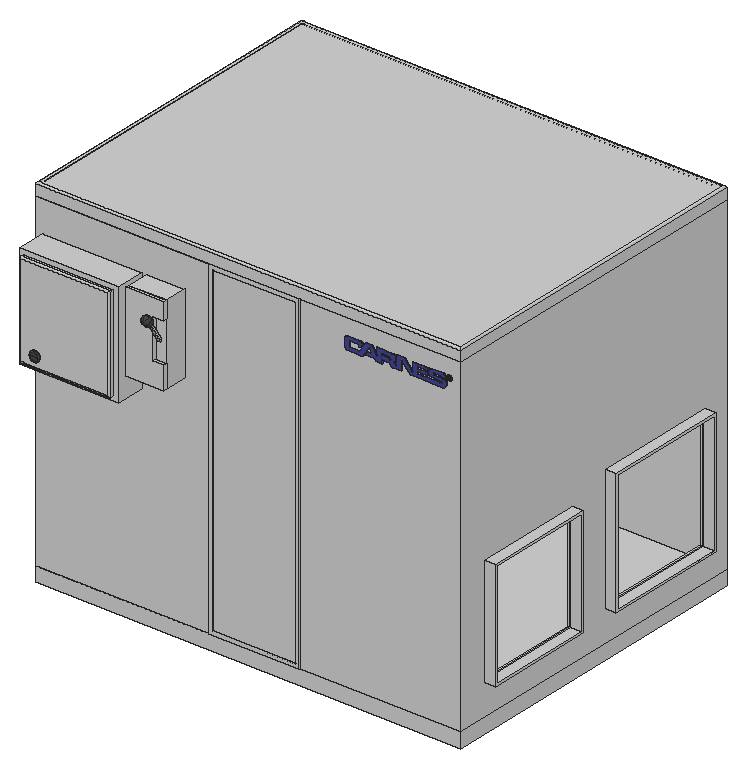
Revit family "Mini_System-Carnes-Energy_Recovery-WMA-WMWA-ARR6", category Mechanical Equipment, Revit 2012
Parameters (values of type "See Type Catalog")
  Weight = 0.00 lbf
  URL = "http://www.carnes.com"
  Supply Location From Side = 4"
  Supply Location From Bottom = 6 1/2"
  Size = 3
  Service Clearance Supply Side = 50"
  Service Clearance Exhaust Side = 50"
  Return Location From Bottom = 6 1/2"
  Product Page URL = "http://www.carnes.com/EnergyRecovery/minisystem.phtml"
  Model = "WM_A-ARR6"  # constant formula
  Manufacturer = "CARNES COMPANY"  # constant formula
  Handle = Plastic - Carnes - Smooth - Black
  Exhuast Hood Depth = 14 1/4"
  Exhaust Location From End = 4"
  Unit = Metal - Carnes - Aluminum Frame - Painted White
  Supply Location From End = 4"
  Supply Height = 14"
  Supply Width = 16"
  Exhaust Location From Bottom = 6 1/2"
  Intake Location From Bottom = 19"
  Intake Height = 21"
  Intake Width = 16"
  Return Height = 16"
  Return Width = 14"
  Exhaust Hood Width = 12 1/4"
  Exhaust Hood Height = 17"
  Eliminator = none
  Exhaust Height = 14"
  Duct Arrangement = 1  # constant formula
  Exhaust Width = 16"
  Height of Unit = 47 1/2"
  Width of Unit = 44"
  Length of Unit = 60"
  Description = "Energy Recovery Mini System"  # constant formula
Reference planes (in)
  plane 1 "Center (Front/Back)": y = 0
  plane 2: z = 0
  plane 3 "Center (Left/Right)": x = 0
  plane 4: x = -30
  plane 5: x = 30
  plane 6: y = 22
  plane 7: y = -22
  plane 8: z = 47.5
  plane 9: x = -24
  plane 10: x = -8
  plane 11: z = 6.5
  plane 12: z = 20.5
  plane 13: y = 18
  plane 14: y = 2
  plane 15: z = 19
  plane 16: z = 40
  plane 17: y = -18
  plane 18: y = -4
Dimensions and locks (in)
  equal spacing: plane 4, plane 3 "Center (Left/Right)", plane 5
  "Length of Unit": plane 4 to plane 5
  equal spacing: plane 6, plane 1 "Center (Front/Back)", plane 7
  "Width of Unit": plane 6 to plane 7
  "Height of Unit": plane 8 to plane 2
  "Exhaust Width": plane 10 to plane 9
  nested 1 to plane 9 = 4"
  "Exhaust Location From Bottom": plane 11 to level
  "Exhaust Height": plane 12 to plane 11
  locked: plane 6 to plane 13 at 4
  "Intake Width": plane 13 to plane 14
  "Intake Location From Bottom": plane 15 to plane 2
  "Intake Height": plane 16 to plane 15
  locked: plane 7 to plane 17 at 4
  "Return Width": plane 18 to plane 17
  locked: plane 5 to nested 2 at 10
  locked: plane 8 to nested 2 at 5
  aligned and locked: level to plane 2
  aligned and locked: plane 3 "Center (Left/Right)" to nested 1
  aligned and locked: plane 1 "Center (Front/Back)" to nested 1
  aligned and locked: nested 1 to plane 2
  aligned and locked: nested 3 to nested 2  (x2)
Nested families (in)
  nested 1: "WM-A-Standard-6" at (0, 0, 0), type "Parametric"
  nested 2: "Logo-Carnes" at (20, -22, 40.928311), type "Standard"
  nested 3: "Logo-Carnes" at (20, 22, 40.928311) x (-1, 0, 0) z (0, 0, 1), type "Standard"
Definition of nested family "WM-A-Standard-6"
  Parameters (values of type "Parametric")
    N = 4"  # constant formula
    Unit = Metal - Carnes - Aluminum Frame - Painted White
    S2 = 50"
    S1 = 50"
    R = 4"  # constant formula
    P = 6 1/2"
    NN = 4"  # constant formula
    MM = 6 1/2"
    M = 6 1/2"
    L = 4"  # constant formula
    K = 19"
    J = 21"
    Handle = Plastic - Carnes - Smooth - Black
    H = 16"
    G = 16"
    F = 14"
    EE = 14"
    E = 14"
    DD = 16"
    D = 16"
    C = 44"
    B = 47 1/2"
    A = 60"
  Reference planes (in)
    plane 1 "Center (Front/Back)": y = 0
    plane 2: z = 0
    plane 3 "Center (Left/Right)": x = 0
    plane 4: x = -30
    plane 5: x = 30
    plane 6: y = 22
    plane 7: y = -22
    plane 8: z = 47.5
    plane 9: z = 1.9184832
    plane 10: z = 45.8770807
    plane 11: z = 29.9300685
  Forms (in)
    Sweep 1, solid, material "Metal - Carnes - Aluminum Frame - Painted White" <- "Unit"
      path origin (0, 0, 0) x (1, 0, 0) y (0, 1, 0)
        loop
          line (28.4374221, -22) -> (28.4374221, 22) -> (-28, 22) -> (-28, -22) -> (28.4374221, -22)
      profile origin (28.4374221, 0, 0) x (-1, 0, 0) y (0, 0, 1)
        loop
          line (0, 45.8770807) -> (0, 1.9184832) -> (0.25, 1.9184832) -> (0.25, 45.8770807) -> (0, 45.8770807)
    Sweep 2, solid, material "Metal - Carnes - Aluminum Frame - Painted White" <- "Unit"
      path in 3D
        loop
          line (28.4374221, 22, 45.8770807) -> (-28, 22, 45.8770807) -> (-28, -22, 45.8770807) -> (28.4374221, -22, 45.8770807) -> (28.4374221, 22, 45.8770807)
      profile origin (28.4374221, 0, 45.8770807) x (-1, 0, 0) y (0, 0, 1)
        loop
          line (0.25, 0) -> (0.25, 1.1229193)
          arc (0.25, 1.1229193) -> (0.3232233, 1.299696) -> (0.5, 1.3729193) r 0.25
          line (0.5, 1.3729193) -> (1.9358962, 1.3729193) -> (1.9358962, 1.6229193) -> (0.25, 1.6229193)
          arc (0.25, 1.6229193) -> (0.0732233, 1.549696) -> (0, 1.3729193) r 0.25
          line (0, 1.3729193) -> (0, 0) -> (0.25, 0)
    Extrusion 3, solid, material "Metal - Carnes - Aluminum Frame - Painted White" <- "Unit"
      sketch origin (28.1874221, -21.75, 47.5) x (0, 1, 0) y (-1, 0, 0)
        loop
          line (41.8141038, 1.6858962) -> (41.8141038, 54.2515259) -> (1.6858962, 54.2515259) -> (1.6858962, 1.6858962) -> (41.8141038, 1.6858962)
      from -0.25 to 0
    Extrusion 4, solid, material "Metal - Carnes - Aluminum Frame - Painted White" <- "Unit"
      sketch origin (0, 0, 0) x (1, 0, 0) y (0, 0, 1)
        loop
          line (28.1874221, 2.1684832) -> (-27.75, 2.1684832) -> (-27.75, 1.9184832) -> (28.1874221, 1.9184832) -> (28.1874221, 2.1684832)
      from -21.75 to 21.75
    Extrusion 5, void
      sketch origin (0, 0, 0) x (0, 1, 0) y (0, 0, 1)
        loop
          line (18, 40) -> (2, 40) -> (2, 19) -> (18, 19) -> (18, 40)
      from -28 to -27.75
    Sweep 6, solid, material "Metal - Carnes - Aluminum Frame - Painted White" <- "Unit"
      path in 3D
        loop
          line (-28, 18, 40) -> (-28, 2, 40) -> (-28, 2, 19) -> (-28, 18, 19) -> (-28, 18, 40)
      profile origin (-28, 18, 29.5) x (0, 1, 0) y (-1, 0, 0)
        loop
          line (0, 0) -> (0.25, 0) -> (0.25, 2) -> (0, 2) -> (0, 0)
    Extrusion 7, void
      sketch origin (0, 0, 0) x (0, 1, 0) y (0, 0, 1)
        loop
          line (18, 22.5) -> (2, 22.5) -> (2, 6.5) -> (18, 6.5) -> (18, 22.5)
      from 28.1874221 to 28.4374221
    Extrusion 8, void
      sketch origin (0, 0, 0) x (0, 1, 0) y (0, 0, 1)
        loop
          line (-4, 20.5) -> (-18, 20.5) -> (-18, 6.5) -> (-4, 6.5) -> (-4, 20.5)
      from 28.1874221 to 28.4374221
    Sweep 9, solid, material "Metal - Carnes - Aluminum Frame - Painted White" <- "Unit"
      path in 3D
        loop
          line (28.4374221, 18, 6.5) -> (28.4374221, 2, 6.5) -> (28.4374221, 2, 22.5) -> (28.4374221, 18, 22.5) -> (28.4374221, 18, 6.5)
      profile origin (28.4374221, 18, 14.5) x (1, 0, 0) y (0, 1, 0)
        loop
          line (0, 0.25) -> (0, 0) -> (1.5625779, 0) -> (1.5625779, 0.25) -> (0, 0.25)
    Sweep 10, solid, material "Metal - Carnes - Aluminum Frame - Painted White" <- "Unit"
      path in 3D
        loop
          line (28.4374221, -18, 20.5) -> (28.4374221, -4, 20.5) -> (28.4374221, -4, 6.5) -> (28.4374221, -18, 6.5) -> (28.4374221, -18, 20.5)
      profile origin (28.4374221, -18, 13.5) x (0, -1, 0) y (1, 0, 0)
        loop
          line (0, 0) -> (0.25, 0) -> (0.25, 1.5625779) -> (0, 1.5625779) -> (0, 0)
    Extrusion 11, solid, material "Metal - Carnes - Aluminum Frame - Painted White" <- "Unit"
      sketch origin (0, 0, 0) x (1, 0, 0) y (0, 0, 1)
        loop
          line (-27.025852, 41.6474581) -> (-27.025852, 27.8974581) -> (-13.9333727, 27.8974581) -> (-13.9333727, 41.6474581) -> (-27.025852, 41.6474581)
      from 22 to 25.8488289
    Sweep 12, solid, material "Metal - Carnes - Aluminum Frame - Painted White" <- "Unit"
      path origin (0, 0, 0) x (1, 0, 0) y (0, 0, 1)
        loop
          line (-14.7428554, 40.9862483) -> (-26.4928554, 40.9862483) -> (-26.4928554, 28.4862483) -> (-14.7428554, 28.4862483) -> (-14.7428554, 40.9862483)
      profile origin (-14.7428554, 0, 34.7362483) x (0, -1, 0) y (1, 0, 0)
        loop
          line (25.8488289, 0.0758479) -> (25.8488289, -0.2536205) -> (26.4296494, -0.2536205) -> (26.4296494, -0.1069244)
          arc (26.4296494, -0.1069244) -> (26.3761166, 0.0223151) -> (26.2468771, 0.0758479) r 0.1827723
          line (26.2468771, 0.0758479) -> (25.8488289, 0.0758479)
    Extrusion 13, solid, material "Metal - Carnes - Aluminum Frame - Painted White" <- "Unit"
      sketch origin (-14.9964759, -26.4296494, 40.7326278) x (0, 0, -1) y (1, 0, 0)
        loop
          line (0, -11.242759) -> (11.992759, -11.242759) -> (11.992759, 0) -> (0, 0) -> (0, -11.242759)
      from -0.5808205 to 0
    Revolve 14, solid, material "Plastic - Carnes - Smooth - Black" <- "Handle"
      sketch origin (-24.7140505, -180, 29.9300685) x (0, -1, 0) y (1, 0, 0)
        loop
          line (-153.5717671, 0.8086061) -> (-153.5717671, 0.1427262) -> (-153.3949524, 0.1427262) -> (-153.3949524, 0.7093488)
          arc (-153.3949524, 0.7093488) -> (-153.4240242, 0.7795343) -> (-153.4942097, 0.8086061) r 0.0992572
          line (-153.4942097, 0.8086061) -> (-153.5717671, 0.8086061)
        axis (-153.3949524, 0.1427262) -> (-153.5717671, 0.1427262)
      angle from 0 to 360
    Sweep 15, solid, material "Metal - Carnes - Aluminum Frame - Painted White" <- "Unit"
      path in 3D
        loop
          line (28.4374221, 22, 1.9184832) -> (-28, 22, 1.9184832) -> (-28, -22, 1.9184832) -> (28.4374221, -22, 1.9184832) -> (28.4374221, 22, 1.9184832)
      profile origin (28.4374221, 0, 1.9184832) x (1, 0, 0) y (0, 0, -1)
        loop
          line (0, 0) -> (0, 1.9184832) -> (-0.25, 1.9184832) -> (-0.25, 0) -> (0, 0)
    Sweep 16, solid, material "Metal - Carnes - Aluminum Frame - Painted White" <- "Unit"
      path origin (0, 0, 0) x (1, 0, 0) y (0, 0, 1)
        loop
          line (-5, 45.8770807) -> (-5, 1.9184832) -> (7, 1.9184832) -> (7, 45.8770807) -> (-5, 45.8770807)
      profile origin (1, 0, 45.8770807) x (0, 0, 1) y (0, -1, 0)
        loop
          line (0, 22) -> (0, 22.0625) -> (-0.5, 22.0625) -> (-0.5, 22) -> (0, 22)
    Extrusion 17, void
      sketch origin (0, 0, 0) x (0, 1, 0) y (0, 0, 1)
        loop
          line (-2, 20.5) -> (-18, 20.5) -> (-18, 6.5) -> (-2, 6.5) -> (-2, 20.5)
      from -28 to -27.75
    Sweep 18, solid, material "Metal - Carnes - Aluminum Frame - Painted White" <- "Unit"
      path in 3D
        loop
          line (-28, -2, 20.5) -> (-28, -18, 20.5) -> (-28, -18, 6.5) -> (-28, -2, 6.5) -> (-28, -2, 20.5)
      profile origin (-28, -2, 13.5) x (0, 1, 0) y (-1, 0, 0)
        loop
          line (0.25, 2) -> (0, 2) -> (0, 0) -> (0.25, 0) -> (0.25, 2)
  Cuts and joins
    joined: Sweep 2, Extrusion 3
    Extrusion 5, Extrusion 7, Extrusion 8, Extrusion 17 cuts Sweep 1
    joined: Sweep 1, Extrusion 4, Sweep 16
    joined: Sweep 12, Extrusion 13
  Lines and regions (in)
    Masking region 1
      outline origin (0, 0, 0) x (1, 0, 0) y (0, 0, 1)
        loop
          line (28.4374221, 0) -> (28.4374221, 6.25) -> (30, 6.25) -> (30, 22.75) -> (28.4374221, 22.75) -> (28.4374221, 47.5) -> (-28, 47.5) -> (-28, 40.25) -> (-30, 40.25) -> (-30, 6.25) -> (-28, 6.25) -> (-28, 0) -> (28.4374221, 0)
    Masking region 2
      outline origin (0, 0, 0) x (0, 1, 0) y (0, 0, 1)
        loop
          line (22, 47.5) -> (-22, 47.5) -> (-22, 41.6474581) -> (-25.8488289, 41.6474581) -> (-25.8488289, 41.0620961) -> (-26.2468771, 41.0620961)
          arc (-26.2468771, 41.0620961) -> (-26.3761166, 41.0085634) -> (-26.4296494, 40.8793238) r 0.1827723
          line (-26.4296494, 40.8793238) -> (-26.4296494, 28.5931727)
          arc (-26.4296494, 28.5931727) -> (-26.3761166, 28.4639332) -> (-26.2468771, 28.4104004) r 0.1827723
          line (-26.2468771, 28.4104004) -> (-25.8488289, 28.4104004) -> (-25.8488289, 27.8974581) -> (-22, 27.8974581) -> (-22, 0) -> (22, 0) -> (22, 47.5)
    Masking region 3
      outline origin (0, 0, 0) x (1, 0, 0) y (0, 1, 0)
        loop
          line (30, 18.25) -> (28.4374221, 18.25) -> (28.4374221, 22) -> (-28, 22) -> (-28, 18.25) -> (-30, 18.25) -> (-30, 1.75) -> (-28, 1.75) -> (-28, -1.75) -> (-30, -1.75) -> (-30, -18.25) -> (-28, -18.25) -> (-28, -22) -> (-27.025852, -22) -> (-27.025852, -25.8488289) -> (-26.5687033, -25.8488289) -> (-26.5687033, -26.2468771)
          arc (-26.5687033, -26.2468771) -> (-26.5151705, -26.3761166) -> (-26.385931, -26.4296494) r 0.1827723
          line (-26.385931, -26.4296494) -> (-14.8497798, -26.4296494)
          arc (-14.8497798, -26.4296494) -> (-14.7205403, -26.3761166) -> (-14.6670075, -26.2468771) r 0.1827723
          line (-14.6670075, -26.2468771) -> (-14.6670075, -25.8488289) -> (-13.9333727, -25.8488289) -> (-13.9333727, -22) -> (28.4374221, -22) -> (28.4374221, -18.25) -> (30, -18.25) -> (30, -11.7978989) -> (30, -3.75) -> (28.4374221, -3.75) -> (28.4374221, 1.75) -> (30, 1.75) -> (30, 18.25)
    sketch lines
      curve 1: line (28.4374221, -22, 45.8770807) -> (28.4374221, 22, 45.8770807)
      curve 2: line (28.4374221, 22, 45.8770807) -> (-28, 22, 45.8770807)
      curve 3: line (-28, -22, 45.8770807) -> (28.4374221, -22, 45.8770807)
      curve 4: line (-28, 22, 45.8770807) -> (-28, -22, 45.8770807)
      curve 5: line (-28, 18, 19) -> (-28, 18, 40)
      curve 6: line (-28, 18, 40) -> (-28, 2, 40)
      curve 7: line (-28, 2, 40) -> (-28, 2, 19)
      curve 8: line (-28, 2, 19) -> (-28, 18, 19)
      curve 9: line (28.4374221, 18, 22.5) -> (28.4374221, 18, 6.5)
      curve 10: line (28.4374221, 2, 22.5) -> (28.4374221, 18, 22.5)
      curve 11: line (28.4374221, 2, 6.5) -> (28.4374221, 2, 22.5)
      curve 12: line (28.4374221, 18, 6.5) -> (28.4374221, 2, 6.5)
      curve 13: line (28.4374221, -18, 6.5) -> (28.4374221, -18, 20.5)
      curve 14: line (28.4374221, -18, 20.5) -> (28.4374221, -4, 20.5)
      curve 15: line (28.4374221, -4, 20.5) -> (28.4374221, -4, 6.5)
      curve 16: line (28.4374221, -4, 6.5) -> (28.4374221, -18, 6.5)
      curve 17: line (28.4374221, -22, 1.9184832) -> (28.4374221, 22, 1.9184832)
      curve 18: line (28.4374221, 22, 1.9184832) -> (-28, 22, 1.9184832)
      curve 19: line (-28, 22, 1.9184832) -> (-28, -22, 1.9184832)
      curve 20: line (-28, -22, 1.9184832) -> (28.4374221, -22, 1.9184832)
      curve 60: line (-28, -2, 6.5) -> (-28, -2, 20.5)
      curve 61: line (-28, -18, 6.5) -> (-28, -2, 6.5)
      curve 62: line (-28, -18, 20.5) -> (-28, -18, 6.5)
      curve 63: line (-28, -2, 20.5) -> (-28, -18, 20.5)
    symbolic lines, style "Ventilator"
      curve 21: line (28.4374221, 0, 45.8770807) -> (-28, 0, 45.8770807)
      curve 22: line (7, 0, 1.9184832) -> (7, 0, 45.8770807)
      curve 23: line (6.5, 0, 45.3770807) -> (6.5, 0, 2.4184832)
      curve 24: line (6.5, 0, 2.4184832) -> (-4.5, 0, 2.4184832)
      curve 25: line (-4.5, 0, 2.4184832) -> (-4.5, 0, 45.3770807)
      curve 26: line (-4.5, 0, 45.3770807) -> (6.5, 0, 45.3770807)
      curve 27: line (-5, 0, 45.8770807) -> (-5, 0, 1.9184832)
      curve 28: line (-13.9333727, 0, 27.8974581) -> (-13.9333727, 0, 41.6474581)
      curve 29: line (-13.9333727, 0, 41.6474581) -> (-27.025852, 0, 41.6474581)
      curve 30: line (-27.025852, 0, 41.6474581) -> (-27.025852, 0, 27.8974581)
      curve 31: line (-27.025852, 0, 27.8974581) -> (-13.9333727, 0, 27.8974581)
      curve 32: line (-14.6670075, 0, 28.4104004) -> (-14.6670075, 0, 41.0620961)
      curve 33: line (-14.6670075, 0, 41.0620961) -> (-26.5687033, 0, 41.0620961)
      curve 34: line (-26.5687033, 0, 41.0620961) -> (-26.5687033, 0, 28.4104004)
      curve 35: line (-26.5687033, 0, 28.4104004) -> (-14.6670075, 0, 28.4104004)
      curve 36: circle (-24.5713244, 0, 29.9300685) r 0.6658799 normal (0, 1, 0)
      curve 37: line (28.4374221, 0, 22.75) -> (28.4374221, 0, 6.25)
      curve 38: line (28.4374221, 0, 20.75) -> (30, 0, 20.75)
      curve 39: line (0, -25.8488289, 41.6474581) -> (0, -25.8488289, 27.8974581)
      curve 40: line (0, -22, 27.8974581) -> (0, -22, 41.6474581)
      curve 41: line (0, 22, 45.8770807) -> (0, -22.0625, 45.8770807)
      curve 42: line (0, 22, 1.9184832) -> (0, -22, 1.9184832)
      curve 43: line (-13.9333727, -22, 0) -> (-27.025852, -22, 0)
      curve 44: line (-27.025852, -25.8488289, 0) -> (-13.9333727, -25.8488289, 0)
      curve 45: line (28.4374221, -3.75, 0) -> (28.4374221, -18.25, 0)
      curve 46: line (28.4374221, 18.25, 0) -> (28.4374221, 1.75, 0)
      curve 47: line (28.4374221, 0, 1.9184832) -> (-28, 0, 1.9184832)
      curve 48: line (0, 1.75, 40.25) -> (0, 18.25, 40.25)
      curve 49: line (0, 18.25, 40.25) -> (0, 18.25, 18.75)
      curve 50: line (0, 18.25, 18.75) -> (0, 1.75, 18.75)
      curve 51: line (0, 1.75, 18.75) -> (0, 1.75, 40.25)
      curve 52: line (0, 18, 40) -> (0, 2, 40)
      curve 53: line (0, 2, 40) -> (0, 2, 19)
      curve 54: line (0, 2, 19) -> (0, 18, 19)
      curve 55: line (0, 18, 19) -> (0, 18, 40)
      curve 56: line (0, -2, 6.5) -> (0, -2, 20.5)
      curve 57: line (0, -2, 20.5) -> (0, -18, 20.5)
      curve 58: line (0, -18, 20.5) -> (0, -18, 6.5)
      curve 59: line (0, -18, 6.5) -> (0, -2, 6.5)
      curve 64: line (-28, -1.75, 0) -> (-28, -18.25, 0)
      curve 65: line (0, -18.25, 20.75) -> (0, -1.75, 20.75)
      curve 66: line (0, -1.75, 20.75) -> (0, -1.75, 6.25)
      curve 67: line (0, -1.75, 6.25) -> (0, -18.25, 6.25)
      curve 68: line (0, -18.25, 6.25) -> (0, -18.25, 20.75)
      curve 69: line (-28, 0, 40.25) -> (-28, 0, 6.25)
      curve 70: line (-28, 0, 20.75) -> (-30, 0, 20.75)
      curve 71: line (-28, 18.25, 0) -> (-28, 1.75, 0)
  Dimensions and locks (in)
    equal spacing: plane 4, plane 3 "Center (Left/Right)", plane 5
    "A": plane 4 to plane 5
    equal spacing: plane 6, plane 1 "Center (Front/Back)", plane 7
    "C": plane 6 to plane 7
    "B": plane 8 to plane 2
    locked: plane 8 to plane 10 at 1.6229193
    locked: plane 9 to plane 2 at 1.9184832
    locked: Sweep 1 sketch curve to plane 5 at 1.5625779
    locked: plane 4 to Sweep 1 sketch curve at 2
    locked: Sweep 1 sketch curve to Sweep 1 sketch curve at 0.25
    locked: plane 5 to Sweep 1 sketch curve at 1.5625779
    locked: Sweep 2 sketch curve to Sweep 2 sketch curve at 0.25  (x2)
    locked: Sweep 2 sketch curve to plane 5 at 3.4984741
    locked: Extrusion 4 sketch curve to Extrusion 4 sketch curve at 0.25
    "L": plane 6 to Extrusion 5 sketch curve
    "H": Extrusion 5 sketch curve to Extrusion 5 sketch curve
    "K": Extrusion 5 sketch curve to plane 2
    "J": Extrusion 5 sketch curve to Extrusion 5 sketch curve
    locked: Sweep 6 sketch curve to Sweep 6 sketch curve at 0.25
    locked: Sweep 6 sketch curve to plane 6 at 3.75
    "NN": plane 6 to Extrusion 7 sketch curve
    "DD": Extrusion 7 sketch curve to Extrusion 7 sketch curve
    "P": Extrusion 7 sketch curve to plane 2
    "G": Extrusion 7 sketch curve to Extrusion 7 sketch curve
    "R": Extrusion 8 sketch curve to plane 7
    "F": Extrusion 8 sketch curve to Extrusion 8 sketch curve
    "MM": Extrusion 8 sketch curve to plane 2
    "EE": Extrusion 8 sketch curve to Extrusion 8 sketch curve
    locked: Sweep 9 sketch curve to Sweep 9 sketch curve at 0.25
    locked: Sweep 9 sketch curve to plane 6 at 3.75
    locked: Sweep 10 sketch curve to Sweep 10 sketch curve at 0.25
    locked: Sweep 10 sketch curve to plane 7 at 3.75
    plane 10 to Extrusion 11 sketch curve to Extrusion 11 sketch curve = 4.22962" locked, 13 3/4" locked
    Extrusion 11 sketch curve to Extrusion 11 sketch curve to plane 4 = 13.09248" locked, 2.97415" locked
    locked: Extrusion 11 to plane 7 at 3.8488289
    Sweep 12 sketch curve to Sweep 12 sketch curve to plane 4 = 11 3/4" locked, 3.50714" locked
    plane 10 to Sweep 12 sketch curve to Sweep 12 sketch curve = 4.89083" locked, 12 1/2" locked
    locked: Sweep 12 sketch curve to Extrusion 11 at 0.5808205
    plane 4 to Revolve 14 sketch curve to Revolve 14 sketch curve = 5.42868" locked, 0.66588" locked
    locked: plane 8 to plane 11 at 17.5699315
    Revolve 14 sketch curve to Revolve 14 sketch curve to Extrusion 11 = 0.17681" locked, 0.5794" locked
    locked: plane 8 to nested 1 at 5.8401089
    locked: nested 1 to plane 4 at 16.75
    locked: Sweep 15 sketch curve to Sweep 15 sketch curve at 0.25
    locked: Sweep 16 sketch curve to Sweep 16 sketch curve at 0.0625
    locked: Sweep 16 sketch curve to plane 10 at 0.5
    Sweep 16 sketch curve to plane 3 "Center (Left/Right)" to Sweep 16 sketch curve = 7" locked, 5" locked
    locked: Sweep 9 to curve 38 at 2
    "M": Extrusion 17 sketch curve to plane 2
    "E": Extrusion 17 sketch curve to Extrusion 17 sketch curve
    "N": Extrusion 17 sketch curve to plane 7
    "D": Extrusion 17 sketch curve to Extrusion 17 sketch curve
    locked: Sweep 18 sketch curve to Sweep 18 sketch curve at 0.25
    aligned and locked: level to plane 2
    aligned and locked: plane 7 to Sweep 1 sketch curve
    aligned and locked: Sweep 1 sketch curve to plane 6
    aligned and locked: Sweep 1 sketch curve to Sweep 1 sketch curve
    aligned and locked: Sweep 1 sketch curve to plane 10
    aligned and locked: plane 9 to Sweep 1 sketch curve
    aligned and locked: Sweep 2 sketch curve to Sweep 1
    aligned and locked: Sweep 2 sketch curve to plane 10
    aligned and locked: Sweep 2 sketch curve to plane 8
    aligned and locked: Sweep 2 to Extrusion 3  (x2)
    aligned and locked: Extrusion 4 sketch curve to plane 9
    aligned and locked: Extrusion 4 sketch curve to Sweep 1  (x2)
    aligned and locked: Extrusion 4 to Sweep 1  (x2)
    aligned and locked: cut or joined group of Sweep 1, Extrusion 4, Extrusion 5, Extrusion 7, Extrusion 8, Sweep 16, Extrusion 17 to Extrusion 5  (x2)
    aligned and locked: cut or joined group of Sweep 1, Extrusion 4, Extrusion 5, Extrusion 7, Extrusion 8, Sweep 16, Extrusion 17 to Sweep 6 sketch curve
    aligned and locked: plane 4 to Sweep 6 sketch curve
    aligned and locked: cut or joined group of Sweep 1, Extrusion 4, Extrusion 5, Extrusion 7, Extrusion 8, Sweep 16, Extrusion 17 to Extrusion 7  (x2)
    aligned and locked: cut or joined group of Sweep 1, Extrusion 4, Extrusion 5, Extrusion 7, Extrusion 8, Sweep 16, Extrusion 17 to Extrusion 8  (x2)
    aligned and locked: cut or joined group of Sweep 1, Extrusion 4, Extrusion 5, Extrusion 7, Extrusion 8, Sweep 16, Extrusion 17 to Sweep 9 sketch curve
    aligned and locked: plane 5 to Sweep 9 sketch curve
    aligned and locked: cut or joined group of Sweep 1, Extrusion 4, Extrusion 5, Extrusion 7, Extrusion 8, Sweep 16, Extrusion 17 to Sweep 10 sketch curve
    aligned and locked: plane 5 to Sweep 10 sketch curve
    aligned and locked: Extrusion 11 to plane 7
    aligned and locked: Extrusion 11 to Sweep 12 sketch curve
    aligned and locked: Extrusion 13 sketch curve to Sweep 12  (x4)
    aligned and locked: Extrusion 13 to Extrusion 11
    aligned and locked: Sweep 12 to Extrusion 13
    aligned and locked: Sweep 15 sketch curve to plane 9
    aligned and locked: Sweep 15 sketch curve to plane 2
    aligned and locked: Sweep 15 sketch curve to cut or joined group of Sweep 1, Extrusion 4, Extrusion 5, Extrusion 7, Extrusion 8, Sweep 16, Extrusion 17
    aligned and locked: plane 7 to nested 1
    aligned and locked: Sweep 16 sketch curve to plane 9
    aligned and locked: plane 10 to Sweep 16 sketch curve  (x2)
    aligned and locked: plane 7 to Sweep 16 sketch curve
    aligned and locked: Masking region 1 sketch curve to cut or joined group of Sweep 1, Extrusion 4, Extrusion 5, Extrusion 7, Extrusion 8, Sweep 16, Extrusion 17  (x2)
    aligned and locked: Masking region 1 sketch curve to Sweep 15
    aligned and locked: Masking region 1 sketch curve to plane 8
    aligned and locked: Masking region 1 sketch curve to Sweep 9
    aligned and locked: plane 5 to Masking region 1 sketch curve
    aligned and locked: Masking region 1 sketch curve to Sweep 10
    aligned and locked: curve 21 to cut or joined group of Sweep 1, Extrusion 4, Extrusion 5, Extrusion 7, Extrusion 8, Sweep 16, Extrusion 17
    aligned and locked: curve 22 to cut or joined group of Sweep 1, Extrusion 4, Extrusion 5, Extrusion 7, Extrusion 8, Sweep 16, Extrusion 17
    aligned and locked: curve 23 to cut or joined group of Sweep 1, Extrusion 4, Extrusion 5, Extrusion 7, Extrusion 8, Sweep 16, Extrusion 17
    aligned and locked: curve 24 to cut or joined group of Sweep 1, Extrusion 4, Extrusion 5, Extrusion 7, Extrusion 8, Sweep 16, Extrusion 17
    aligned and locked: curve 25 to cut or joined group of Sweep 1, Extrusion 4, Extrusion 5, Extrusion 7, Extrusion 8, Sweep 16, Extrusion 17
    aligned and locked: curve 26 to cut or joined group of Sweep 1, Extrusion 4, Extrusion 5, Extrusion 7, Extrusion 8, Sweep 16, Extrusion 17
    aligned and locked: curve 27 to cut or joined group of Sweep 1, Extrusion 4, Extrusion 5, Extrusion 7, Extrusion 8, Sweep 16, Extrusion 17
    aligned and locked: curve 28 to Extrusion 11
    aligned and locked: curve 29 to Extrusion 11
    aligned and locked: curve 30 to Extrusion 11
    aligned and locked: curve 31 to Extrusion 11
    aligned and locked: curve 32 to cut or joined group of Sweep 12, Extrusion 13
    aligned and locked: curve 33 to cut or joined group of Sweep 12, Extrusion 13
    aligned and locked: curve 34 to cut or joined group of Sweep 12, Extrusion 13
    aligned and locked: curve 35 to cut or joined group of Sweep 12, Extrusion 13
    aligned and locked: curve 36 to Revolve 14
    aligned and locked: plane 8 to Masking region 2 sketch curve
    aligned and locked: Masking region 2 sketch curve to plane 7
    aligned and locked: plane 2 to Masking region 2 sketch curve
    aligned and locked: plane 6 to Masking region 2 sketch curve
    aligned and locked: Masking region 2 sketch curve to Extrusion 11  (x3)
    aligned and locked: Masking region 2 sketch curve to cut or joined group of Sweep 12, Extrusion 13  (x3)
    aligned and locked: curve 39 to Extrusion 11
    aligned and locked: curve 40 to Extrusion 11
    aligned and locked: curve 41 to cut or joined group of Sweep 1, Extrusion 4, Extrusion 5, Extrusion 7, Extrusion 8, Sweep 16, Extrusion 17
    aligned and locked: curve 42 to Sweep 15
    aligned and locked: plane 5 to Masking region 3 sketch curve
    aligned and locked: Masking region 3 sketch curve to plane 6
    aligned and locked: plane 7 to Masking region 3 sketch curve
    aligned and locked: Masking region 3 sketch curve to Extrusion 11  (x3)
    aligned and locked: Masking region 3 sketch curve to cut or joined group of Sweep 12, Extrusion 13  (x3)
    aligned and locked: Masking region 3 sketch curve to Sweep 10  (x2)
    aligned and locked: Masking region 3 sketch curve to Sweep 15
    aligned and locked: Masking region 3 sketch curve to Sweep 9  (x2)
    aligned and locked: curve 43 to Extrusion 11  (x2)
    aligned and locked: curve 44 to Extrusion 11  (x2)
    aligned and locked: curve 45 to Sweep 10  (x2)
    aligned and locked: curve 46 to Sweep 9  (x2)
    aligned and locked: Extrusion 11 to curve 44
    aligned and locked: Extrusion 11 to curve 43
    aligned and locked: Sweep 10 to curve 45
    aligned and locked: curve 45 to Sweep 15
    aligned and locked: curve 46 to Sweep 15
    aligned and locked: Sweep 9 to curve 46
    aligned and locked: curve 47 to Sweep 15
    aligned and locked: curve 48 to Sweep 6
    aligned and locked: curve 49 to Sweep 6
    aligned and locked: curve 50 to Sweep 6
    aligned and locked: curve 51 to Sweep 6
    aligned and locked: curve 52 to Sweep 6
    aligned and locked: curve 53 to Sweep 6
    aligned and locked: curve 54 to Sweep 6
    aligned and locked: curve 55 to Sweep 6
    aligned and locked: cut or joined group of Sweep 1, Extrusion 4, Extrusion 5, Extrusion 7, Extrusion 8, Sweep 16, Extrusion 17 to Extrusion 17  (x2)
    aligned and locked: curve 56 to cut or joined group of Sweep 1, Extrusion 4, Extrusion 5, Extrusion 7, Extrusion 8, Sweep 16, Extrusion 17
    aligned and locked: curve 57 to cut or joined group of Sweep 1, Extrusion 4, Extrusion 5, Extrusion 7, Extrusion 8, Sweep 16, Extrusion 17
    aligned and locked: curve 58 to cut or joined group of Sweep 1, Extrusion 4, Extrusion 5, Extrusion 7, Extrusion 8, Sweep 16, Extrusion 17
    aligned and locked: curve 59 to cut or joined group of Sweep 1, Extrusion 4, Extrusion 5, Extrusion 7, Extrusion 8, Sweep 16, Extrusion 17
    aligned and locked: Sweep 15 to Sweep 18 sketch curve
    aligned and locked: cut or joined group of Sweep 1, Extrusion 4, Extrusion 5, Extrusion 7, Extrusion 8, Sweep 16, Extrusion 17 to Sweep 18 sketch curve
    aligned and locked: plane 4 to Sweep 18 sketch curve
    aligned and locked: Masking region 3 sketch curve to Sweep 18  (x3)
    aligned and locked: curve 64 to Sweep 18  (x2)
    aligned and locked: Sweep 18 to curve 64
    aligned and locked: curve 65 to Sweep 18
    aligned and locked: curve 66 to Sweep 18
    aligned and locked: curve 67 to Sweep 18
    aligned and locked: curve 68 to Sweep 18
    aligned and locked: Masking region 1 sketch curve to Sweep 18  (x2)
    aligned and locked: Sweep 18 to curve 69
    aligned and locked: curve 69 to Sweep 18
    aligned and locked: Masking region 1 sketch curve to Sweep 6
    aligned and locked: curve 69 to Sweep 6
    aligned and locked: curve 70 to Sweep 18
    aligned and locked: Sweep 6 to curve 71
    aligned and locked: curve 71 to Sweep 6  (x2)
    aligned and locked: Masking region 3 sketch curve to Sweep 6  (x3)
  Automatic sketch dimensions
    Sweep 2 sketch curve to profile plane = 1/4"
    Sweep 2 sketch curve to Sweep 2 sketch curve = 1/4"
    Extrusion 3 sketch curve to Sweep 2 = 0"  (x4)
    Sweep 12 sketch curve to Sweep 12 sketch curve = 0.18277"
    profile plane to Sweep 12 sketch curve = 0.25362"
    profile plane to Sweep 12 sketch curve = 0.10692"
    Revolve 14 sketch curve to Revolve 14 sketch curve = 0.07756"
    Revolve 14 sketch curve to Revolve 14 sketch curve = 0.20542"
    Revolve 14 sketch curve to Revolve 14 sketch curve = 0.37646"
    Revolve 14 sketch curve to Revolve 14 sketch curve = 0"
    plane 5 to Masking region 1 sketch curve = 1.56258"
    Masking region 2 sketch curve to plane 7 = 0"
    Masking region 2 sketch curve to Masking region 2 sketch curve = 0.39805"
    plane 10 to curve 41 = 0"
    curve 42 to plane 7 = 0"
    curve 40 to plane 7 = 0"
    curve 42 to plane 6 = 0"
    curve 41 to plane 6 = 0"
    plane 7 to curve 41 = 1/16"
    curve 39 to curve 40 = 3.84883"
    plane 11 to curve 40 = 2.03261"
    plane 11 to curve 39 = 2.03261"
    plane 10 to curve 40 = 4.22962"
    curve 39 to curve 40 = 0"
    Masking region 3 sketch curve to plane 5 = 0"
    plane 7 to Masking region 3 sketch curve = 0"
    plane 5 to Masking region 3 sketch curve = 1.56258"  (x2)
    Masking region 3 sketch curve to Masking region 3 sketch curve = 6.4521"
    Masking region 3 sketch curve to Masking region 3 sketch curve = 0.39805"
    Masking region 3 sketch curve to Masking region 3 sketch curve = 0.97415"
    plane 4 to Masking region 1 sketch curve = 2"
    plane 5 to curve 38 = 0"
    curve 29 to curve 33 = 0.45715"
    plane 4 to curve 47 = 2"
    plane 4 to curve 21 = 2"
    curve 32 to curve 28 = 0.73363"
    plane 5 to curve 37 = 1.56258"
    plane 5 to curve 47 = 1.56258"
    plane 5 to curve 21 = 1.56258"
    curve 37 to plane 9 = 4.33152"
    curve 38 to curve 37 = 2"
    curve 28 to curve 32 = 0.51294"
    curve 33 to curve 30 = 0.58536"
    curve 70 to plane 4 = 0"
    plane 7 to curve 43 = 0"
    plane 4 to curve 44 = 2.97415"
    plane 4 to curve 43 = 2.97415"
    curve 43 to curve 43 = 13.09248"
    curve 44 to curve 43 = 0"
    plane 7 to curve 44 = 3.84883"
    curve 45 to plane 7 = 3 3/4"
    plane 1 "Center (Front/Back)" to curve 45 = 3 3/4"
    plane 4 to Masking region 3 sketch curve = 2"  (x2)
  Nested families (in)
    nested 1: "WM-A-Standard" at (-10.75, -22, 0), type "Parametric"
  Definition of nested family "WM-A-Standard"
    Parameters (values of type "Family2")
      Unit = Metal - Carnes - Aluminum Frame - Painted White
      Handle = Plastic - Carnes - Smooth - Black
    Reference planes (in)
      plane 1 "Center (Front/Back)": y = 0
      plane 2: z = 0
      plane 3 "Center (Left/Right)": x = 0
    Forms (in)
      Extrusion 1, solid, material "Metal - Carnes - Aluminum Frame - Painted White" <- "Unit"
        sketch origin (10.6823611, 22, 0) x (1, 0, 0) y (0, 0, 1)
          loop
            line (-13.1823611, 41.6598911) -> (-13.1823611, 31.1598911) -> (-8.1823611, 31.1598911) -> (-8.1823611, 41.6598911) -> (-13.1823611, 41.6598911)
        from 22 to 24.9697132
      Extrusion 2, solid, material "Metal - Carnes - Aluminum Frame - Painted White" <- "Unit"
        sketch origin (10.6823611, 22, 0) x (1, 0, 0) y (0, 0, 1)
          loop
            line (-8.1823611, 41.6598911) -> (-13.1823611, 41.6598911) -> (-13.1823611, 31.1598911) -> (-8.1823611, 31.1598911) -> (-8.1823611, 34.1598911) -> (-9.6823611, 34.1598911) -> (-9.6823611, 39.4098911) -> (-8.1823611, 39.4098911) -> (-8.1823611, 41.6598911)
        from 24.9697132 to 25.4598043
      Extrusion 3, solid, material "Metal - Carnes - Aluminum Frame - Painted White" <- "Unit"
        sketch origin (-0.25, 0, 0) x (0, 1, 0) y (0, 0, 1)
          loop
            line (-2.9697132, 36.9098911) -> (-4.5115506, 39.4759395) -> (-4.7716341, 39.215856) -> (-2.9697132, 36.4411411) -> (-2.9697132, 36.9098911)
        from 1.6203596 to 1.892943
      Revolve 4, solid, material "Plastic - Carnes - Smooth - Black" <- "Handle"
        sketch origin (1.53125, -1.553896, -0.5015644) x (0, 0.997564, -0.069756) y (0, 0.069756, 0.997564)
          loop
            line (-5.5821927, 39.2098706) -> (-5.5821927, 39.7759987)
            arc (-5.5821927, 39.7759987) -> (-5.6004379, 39.8768958) -> (-5.6528626, 39.9650138) r 0.2881069
            line (-5.6528626, 39.9650138) -> (-6.0611253, 40.4346663)
            arc (-6.0611253, 40.4346663) -> (-6.2384255, 40.5527666) -> (-6.4511659, 40.5639277) r 0.4028363
            arc (-6.4511659, 40.5639277) -> (-6.6281258, 40.5075118) -> (-6.7915235, 40.4192014) r 0.9953643
            line (-6.7915235, 40.4192014) -> (-5.5821927, 39.2098706)
          axis (-6.7915235, 40.4192014) -> (-5.5821927, 39.2098706)
        angle from 0 to 360
    Lines and regions (in)
      Masking region 1
        outline origin (0, 0, 0) x (1, 0, 0) y (0, 1, 0)
          loop
            line (-2.5, 0) -> (-2.5, -3.4598043) -> (1.3703596, -3.4598043) -> (1.3703596, -4.3771237)
            arc (1.3703596, -4.3771237) -> (1.1585098, -4.5170355) -> (1.0434761, -4.7433603) r 0.4966866
            line (1.0434761, -4.7433603) -> (1.0041508, -5.1928508)
            arc (1.0041508, -5.1928508) -> (1.5423716, -5.6945259) -> (2.0565128, -5.1682005) r 0.5264697
            line (2.0565128, -5.1682005) -> (2.0146518, -4.7433603)
            arc (2.0146518, -4.7433603) -> (1.8836885, -4.5000099) -> (1.642943, -4.3643173) r 0.4966866
            line (1.642943, -4.3643173) -> (1.642943, -3.4598043) -> (2.5, -3.4598043) -> (2.5, 0) -> (-2.5, 0)
      Masking region 2
        outline origin (0, 0, 0) x (1, 0, 0) y (0, 0, 1)
          loop
            line (2.5, 31.1598911) -> (2.5, 41.6598911) -> (-2.5, 41.6598911) -> (-2.5, 31.1598911) -> (2.5, 31.1598911)
      Masking region 3
        outline origin (0, 0, 0) x (0, 1, 0) y (0, 0, 1)
          loop
            line (0, 41.6598911) -> (-3.4598043, 41.6598911) -> (-3.4598043, 37.7255397) -> (-4.3762195, 39.2507107) -> (-4.3535941, 39.5638797)
            arc (-4.3535941, 39.5638797) -> (-4.3657337, 39.6765277) -> (-4.4166716, 39.7777318) r 0.3173474
            line (-4.4166716, 39.7777318) -> (-4.7924777, 40.2764434)
            arc (-4.7924777, 40.2764434) -> (-5.4834549, 40.3142522) -> (-5.6375699, 39.6396207) r 0.5368167
            line (-5.6375699, 39.6396207) -> (-5.1375584, 39.1396092)
            arc (-5.1375584, 39.1396092) -> (-5.0201323, 39.0611476) -> (-4.8816188, 39.0335955) r 0.3619533
            line (-4.8816188, 39.0335955) -> (-4.6532728, 39.0335955) -> (-3.4598043, 37.1958153) -> (-3.4598043, 31.1598911) -> (0, 31.1598911) -> (0, 41.6598911)
      symbolic lines, style "Ventilator"
        curve 1: line (-2.5, -2.9697132, 0) -> (2.5, -2.9697132, 0)
        curve 2: line (1, -2.9697132, 0) -> (1, -3.4598043, 0)
        curve 3: line (1.3703596, -3.4598043, 0) -> (1.642943, -3.4598043, 0)
        curve 4: arc (1.3703596, -4.3771237, 0) -> (1.5054973, -4.3461574, 0) -> (1.642943, -4.3643173, 0) r 0.3908285
        curve 5: line (2.5, 0, 39.4098911) -> (2, 0, 39.4098911)
        curve 6: line (1, 0, 39.4098911) -> (1.0516907, 0, 39.4098911)
        curve 7: line (1, 0, 39.4098911) -> (1, 0, 34.1598911)
        curve 8: line (1, 0, 34.1598911) -> (2.5, 0, 34.1598911)
        curve 9: line (1.3703596, 0, 36.4411411) -> (1.642943, 0, 36.4411411)
        curve 10: line (1.642943, 0, 36.4411411) -> (1.642943, 0, 39.0563773)
        curve 11: line (1.3703596, 0, 39.0553693) -> (1.3703596, 0, 36.4411411)
        curve 12: line (1.0039227, 0, 39.8593935) -> (1.0516907, 0, 39.4098911)
        curve 13: arc (1.0516907, 0, 39.4098911) -> (1.5329898, 0, 39.0278432) -> (2.0142888, 0, 39.4098911) r 0.4941912
        curve 14: arc (1.0039227, 0, 39.8593935) -> (1.5150585, 0, 40.4213227) -> (2.0605933, 0, 39.8927246) r 0.528861
        curve 15: line (2.0605933, 0, 39.8927246) -> (2.0142888, 0, 39.4098911)
        curve 16: line (0, -2.9697132, 41.6598911) -> (0, -2.9697132, 31.1598911)
        curve 17: line (0, -3.4598043, 37.7255397) -> (0, -3.4598043, 36.9755397)
        curve 18: arc (0, -4.3762195, 39.2507107) -> (0, -4.46531, 39.0790693) -> (0, -4.6532728, 39.0335955) r 0.2333089
    Dimensions and locks (in)
      locked: Extrusion 1 sketch curve to Extrusion 1 sketch curve at 10.5
      locked: Extrusion 1 sketch curve to Extrusion 1 sketch curve at 5
      aligned and locked: level to plane 2
      aligned and locked: Extrusion 2 sketch curve to Extrusion 1  (x4)
      aligned and locked: Extrusion 2 to Extrusion 1
      aligned and locked: Masking region 1 sketch curve to Extrusion 1  (x2)
      aligned and locked: Masking region 1 sketch curve to Extrusion 2
      aligned and locked: Extrusion 3 to Masking region 1 sketch curve  (x2)
      aligned and locked: Masking region 1 sketch curve to plane 1 "Center (Front/Back)"
      aligned and locked: Extrusion 2 to Masking region 1 sketch curve
      aligned and locked: Masking region 2 sketch curve to Extrusion 1
      aligned and locked: Masking region 2 sketch curve to Extrusion 2  (x3)
Definition of nested family "Logo-Carnes"
  Parameters (values of type "Standard")
    Default Elevation = 0"
    Carnes Logo = Metal - Carnes - Textured - Royal Blue Matte
    Unit = Metal - Carnes - Aluminum Frame - Painted White
  Reference planes (in)
    plane 1 "Center (Front/Back)": y = 0
    plane 2: z = 0
    plane 3 "Center (Left/Right)": x = 0
    plane 4: z = 3.1420015
    plane 5: x = -4
    plane 6: x = 4
    plane 7: z = 1.571689
    plane 8: x = -7
    plane 9: x = 7
  Forms (in)
    Extrusion 1, solid, material "Metal - Carnes - Textured - Royal Blue Matte" <- "Carnes Logo", detail levels fine
      sketch origin (0, 1, -0.1502795) x (1, 0, 0) y (0, 0, 1)
        loop
          arc (-6.6311863, 2.9642622) -> (-6.891977, 2.8562392) -> (-7, 2.5954486) r 0.3688137
          line (-7, 2.5954486) -> (-7, 1.6467579)
          arc (-7, 1.6467579) -> (-6.882076, 1.3620642) -> (-6.5973823, 1.2441402) r 0.4026177
          line (-6.5973823, 1.2441402) -> (-4.8250016, 1.2441402)
          arc (-4.8250016, 1.2441402) -> (-4.6315432, 1.2923747) -> (-4.4833744, 1.4257866) r 0.4120768
          line (-4.4833744, 1.4257866) -> (-3.7206096, 2.556632) -> (-3.3648267, 1.9403979) -> (-3.9367355, 1.9403979) -> (-4.1966951, 1.554992) -> (-3.1311314, 1.554992)
          arc (-3.1311314, 1.554992) -> (-3.0926196, 1.5446728) -> (-3.064427, 1.5164802) r 0.0770237
          line (-3.064427, 1.5164802) -> (-2.9449157, 1.3094806)
          arc (-2.9449157, 1.3094806) -> (-2.9187055, 1.2832704) -> (-2.8829018, 1.2736768) r 0.0716075
          line (-2.8829018, 1.2736768) -> (-2.039837, 1.2736768) -> (-2.039837, 1.6924695) -> (-1.0551822, 1.6924695)
          arc (-1.0551822, 1.6924695) -> (-0.9863167, 1.6680534) -> (-0.9482112, 1.6057109) r 0.1093255
          arc (-0.9482112, 1.6057109) -> (-0.8023775, 1.3671199) -> (-0.5388219, 1.2736768) r 0.4184002
          line (-0.5388219, 1.2736768) -> (0.5579549, 1.2736768) -> (0.5579549, 2.5339164) -> (1.4866725, 1.465549)
          arc (1.4866725, 1.465549) -> (1.6763553, 1.3239061) -> (1.9076976, 1.2736768) r 0.5578636
          line (1.9076976, 1.2736768) -> (6.0403472, 1.2736768)
          arc (6.0403472, 1.2736768) -> (6.3745163, 1.4120942) -> (6.5129337, 1.7462633) r 0.4725865
          line (6.5129337, 1.7462633) -> (6.5129337, 1.9865073)
          arc (6.5129337, 1.9865073) -> (6.4162074, 2.2296992) -> (6.1788749, 2.3400238) r 0.3540832
          arc (6.1788749, 2.3400238) -> (5.5134202, 2.3744972) -> (4.8476638, 2.4025478) r 69.0548135
          arc (4.8476638, 2.4025478) -> (4.7537829, 2.4964287) -> (4.8476638, 2.5903096) r 0.0938809
          line (4.8476638, 2.5903096) -> (5.7602855, 2.5772072)
          arc (5.7602855, 2.5772072) -> (5.8336875, 2.545873) -> (5.8639648, 2.4720287) r 0.1051893
          line (5.8639648, 2.4720287) -> (5.8639648, 2.4122066) -> (6.4320485, 2.4122066) -> (6.4320485, 2.6125532)
          arc (6.4320485, 2.6125532) -> (6.3290353, 2.8612491) -> (6.0803394, 2.9642622) r 0.351709
          line (6.0803394, 2.9642622) -> (4.5764626, 2.9642622)
          arc (4.5764626, 2.9642622) -> (4.2948371, 2.8476091) -> (4.178184, 2.5659837) r 0.3982786
          line (4.178184, 2.5659837) -> (4.178184, 2.3343241)
          arc (4.178184, 2.3343241) -> (4.2651926, 2.1134398) -> (4.4794695, 2.011235) r 0.3238781
          line (4.4794695, 2.011235) -> (5.8540124, 1.9151176)
          arc (5.8540124, 1.9151176) -> (5.9372889, 1.8226296) -> (5.8477636, 1.7361761) r 0.0895799
          line (5.8477636, 1.7361761) -> (2.7293535, 1.7361761) -> (2.7293535, 1.9790185) -> (4.060689, 1.9790185) -> (4.060689, 2.3699951) -> (2.7293535, 2.3699951) -> (2.7293535, 2.5537889) -> (4.0934836, 2.5537889) -> (4.0934836, 2.9642622) -> (2.0757295, 2.9642622) -> (2.0757295, 1.6880281) -> (0.966316, 2.9642622) -> (0.0029141, 2.9642622)
          arc (0.0029141, 2.9642622) -> (-0.0689314, 2.9345029) -> (-0.0986908, 2.8626574) r 0.1016049
          line (-0.0986908, 2.8626574) -> (-0.0986908, 1.692077) -> (-0.1821237, 1.692077)
          arc (-0.1821237, 1.692077) -> (-0.226266, 1.7097129) -> (-0.2461041, 1.7529103) r 0.0640618
          arc (-0.2461041, 1.7529103) -> (-0.3136163, 1.9031323) -> (-0.4650109, 1.9681943) r 0.2265828
          arc (-0.4650109, 1.9681943) -> (-0.3000433, 2.0318502) -> (-0.2310479, 2.1946569) r 0.2265828
          line (-0.2310479, 2.1946569) -> (-0.2310479, 2.5332726)
          arc (-0.2310479, 2.5332726) -> (-0.3572818, 2.8380283) -> (-0.6620375, 2.9642622) r 0.4309896
          line (-0.6620375, 2.9642622) -> (-2.712332, 2.9642622) -> (-2.712332, 1.9378565) -> (-3.3504351, 2.9204492)
          arc (-3.3504351, 2.9204492) -> (-3.3852184, 2.9526025) -> (-3.4311288, 2.9642622) r 0.0962161
          line (-3.4311288, 2.9642622) -> (-4.1183706, 2.9642622)
          arc (-4.1183706, 2.9642622) -> (-4.1539154, 2.9553999) -> (-4.181139, 2.9308877) r 0.0757123
          line (-4.181139, 2.9308877) -> (-4.9893713, 1.732634)
          arc (-4.9893713, 1.732634) -> (-5.0221335, 1.7031348) -> (-5.0649099, 1.6924695) r 0.091116
          line (-5.0649099, 1.6924695) -> (-6.3276476, 1.6924695)
          arc (-6.3276476, 1.6924695) -> (-6.3588175, 1.7053804) -> (-6.3717284, 1.7365502) r 0.0440808
          line (-6.3717284, 1.7365502) -> (-6.3717284, 2.4124291)
          arc (-6.3717284, 2.4124291) -> (-6.3481831, 2.4692726) -> (-6.2913396, 2.4928179) r 0.0803888
          line (-6.2913396, 2.4928179) -> (-5.2665892, 2.4928179)
          arc (-5.2665892, 2.4928179) -> (-5.2142785, 2.4711501) -> (-5.1926107, 2.4188394) r 0.0739785
          line (-5.1926107, 2.4188394) -> (-5.1926107, 2.1731577)
          arc (-5.1926107, 2.1731577) -> (-4.914391, 2.2266214) -> (-4.6899273, 2.3994817) r 0.6129887
          arc (-4.6899273, 2.3994817) -> (-4.6462613, 2.7668149) -> (-4.959079, 2.9642622) r 0.3465238
          line (-4.959079, 2.9642622) -> (-6.6311863, 2.9642622)
        loop
          arc (-2.0004066, 2.4996782) -> (-2.0282881, 2.4881293) -> (-2.039837, 2.4602478) r 0.0394304
          line (-2.039837, 2.4602478) -> (-2.039837, 2.1906147)
          arc (-2.039837, 2.1906147) -> (-2.028929, 2.1642806) -> (-2.0025948, 2.1533726) r 0.0372422
          line (-2.0025948, 2.1533726) -> (-0.8822552, 2.1533726)
          arc (-0.8822552, 2.1533726) -> (-0.855344, 2.1645196) -> (-0.844197, 2.1914308) r 0.0380582
          line (-0.844197, 2.1914308) -> (-0.844197, 2.4620102)
          arc (-0.844197, 2.4620102) -> (-0.8552297, 2.4886455) -> (-0.881865, 2.4996782) r 0.037668
          line (-0.881865, 2.4996782) -> (-2.0004066, 2.4996782)
        loop
          spline (6.506126, 2.6885231) -> (6.5183043, 2.6131848) -> (6.5540095, 2.5429807) -> (6.6108082, 2.482695) -> (6.6848297, 2.4364362) -> (6.7710296, 2.4073567) -> (6.8635334, 2.3974383) -> (6.9560373, 2.4073567) -> (7.0422371, 2.4364362) -> (7.1162586, 2.482695) -> (7.1730573, 2.5429807) -> (7.2087625, 2.6131848) -> (7.2209409, 2.6885231)
          spline (7.2209409, 2.6885231) -> (7.2087625, 2.7638614) -> (7.1730573, 2.8340656) -> (7.1162586, 2.8943512) -> (7.0422371, 2.94061) -> (6.9560373, 2.9696895) -> (6.8635334, 2.979608) -> (6.7710296, 2.9696895) -> (6.6848297, 2.94061) -> (6.6108082, 2.8943512) -> (6.5540095, 2.8340656) -> (6.5183043, 2.7638614) -> (6.506126, 2.6885231)
        loop
          spline (6.6197806, 2.6885231) -> (6.6284688, 2.629628) -> (6.6539412, 2.5747464) -> (6.6944621, 2.5276185) -> (6.7472699, 2.491456) -> (6.8087659, 2.4687234) -> (6.8747592, 2.4609697) -> (6.9407525, 2.4687234) -> (7.0022485, 2.491456) -> (7.0550563, 2.5276185) -> (7.0955771, 2.5747464) -> (7.1210496, 2.629628) -> (7.1297378, 2.6885231)
          spline (7.1297378, 2.6885231) -> (7.1210496, 2.7474183) -> (7.0955771, 2.8022999) -> (7.0550563, 2.8494277) -> (7.0022485, 2.8855902) -> (6.9407525, 2.9083229) -> (6.8747592, 2.9160766) -> (6.8087659, 2.9083229) -> (6.7472699, 2.8855902) -> (6.6944621, 2.8494277) -> (6.6539412, 2.8022999) -> (6.6284688, 2.7474183) -> (6.6197806, 2.6885231)
        loop
          line (6.7402554, 2.5136566) -> (6.8032376, 2.5136566) -> (6.8032376, 2.6576007) -> (6.8766655, 2.6576007) -> (6.9290569, 2.5136566) -> (7.0161155, 2.5136566) -> (6.9395791, 2.6576007)
          arc (6.9395791, 2.6576007) -> (7.0029295, 2.7354101) -> (6.981762, 2.8334892) r 0.115833
          arc (6.981762, 2.8334892) -> (6.951183, 2.8583552) -> (6.912786, 2.8672474) r 0.0873464
          line (6.912786, 2.8672474) -> (6.8082107, 2.8672474)
          arc (6.8082107, 2.8672474) -> (6.760159, 2.8473437) -> (6.7402554, 2.7992921) r 0.0679553
          line (6.7402554, 2.7992921) -> (6.7402554, 2.5136566)
        loop
          line (6.7934423, 2.7992921) -> (6.7934423, 2.7360982) -> (6.9322407, 2.7360982) -> (6.9322407, 2.7992921) -> (6.7934423, 2.7992921)
      from 1 to 1.0077857
  Dimensions and locks (in)
    plane 4 to level = 3.142"  (x2)
    plane 6 to plane 5 = 8"
    aligned and locked: level to plane 2
Types in the file's own list only (8): name | Weight | Supply Location From Bottom | Size | Service Clearance Supply Side | Service Clearance Exhaust Side | Return Location From Bottom | Supply Height | Supply Width | Exhaust Location From Bottom | Intake Location From Bottom | Intake Height | Intake Width | Return Height | Return Width | Exhaust Height | Exhaust Width | Height of Unit | Width of Unit | Length of Unit
  Size 3, Standard | 0.00 lb | 6 1/2" | 3 | 50" | 50" | 6 1/2" | 14" | 16" | 6 1/2" | 19" | 21" | 16" | 16" | 14" | 14" | 16" | 44" | 47 1/2" | 60"
  Size 3, Water Coils | 0.00 lb | 6 1/2" | 3 | 50" | 50" | 6 1/2" | 14" | 16" | 6 1/2" | 19" | 21" | 16" | 16" | 14" | 14" | 16" | 44" | 47 1/2" | 108"
  Size 3, Rain Hood | 0.00 lb | 6 1/2" | 6 | 60" | 60" | 6 1/2" | 18" | 20" | 6 1/2" | 24" | 26" | 22" | 20" | 18" | 18" | 20" | 54" | 57 1/2" | 72"
  Size 3, Rain Hood w/ Water Coils | 0.00 lb | 6 1/2" | 6 | 60" | 60" | 6 1/2" | 18" | 20" | 6 1/2" | 24" | 26" | 22" | 20" | 18" | 18" | 20" | 54" | 57 1/2" | 120"
  Size 6, Standard | 0.00 lb | 7 1/2" | 9 | 71" | 71" | 7 1/2" | 20" | 24" | 7 1/2" | 28" | 34" | 28" | 24" | 20" | 20" | 24" | 66" | 69 1/2" | 80"
  Size 6, Water Coils | 0.00 lb | 7 1/2" | 9 | 71" | 71" | 7 1/2" | 20" | 24" | 7 1/2" | 28" | 34" | 28" | 24" | 20" | 20" | 24" | 66" | 69 1/2" | 128"
  Size 6, Rain Hood | 0.00 lb | 9 1/2" | 14 | 85" | 85" | 9 1/2" | 24" | 30" | 9 1/2" | 34" | 42" | 34" | 30" | 24" | 24" | 30" | 80" | 83 1/2" | 102"
  Size 6, Rain Hood w/ Water Coils | 0.00 lb | 9 1/2" | 14 | 85" | 85" | 9 1/2" | 24" | 30" | 9 1/2" | 34" | 42" | 34" | 30" | 24" | 24" | 30" | 80" | 83 1/2" | 150"
